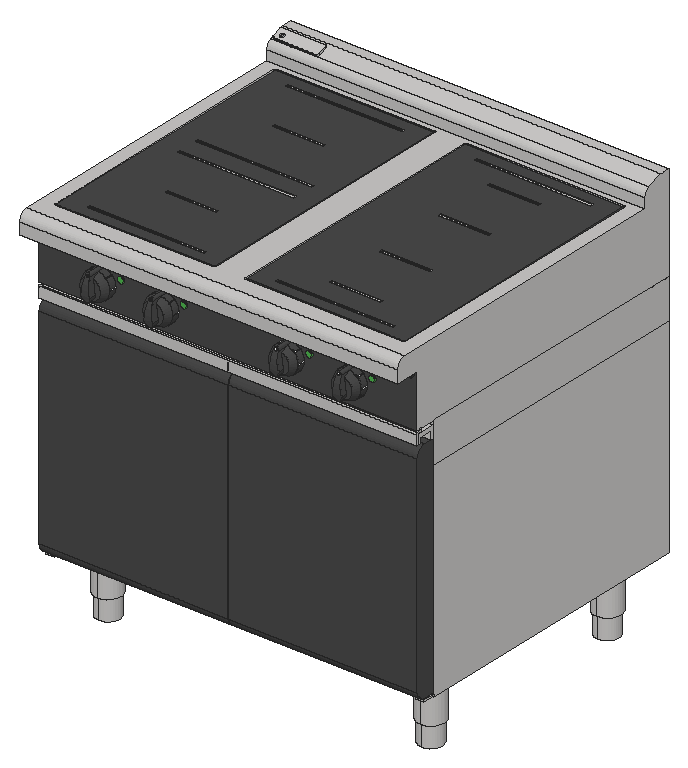
Revit family "QF_Moffat_INLB8400R5F-CD_Induction_Cooktop_cat", category Specialty Equipment, Revit 2019
Family settings
  Round Connector Dimension = Use Diameter
  Part Type = Normal
  Work Plane-Based = No
  Always vertical = Yes
  Cut with Voids When Loaded = No
  Shared = No
  Room Calculation Point = No
Parameters (values of type "INLB8400R5F-CD_415/60/3")
  Weight in Kilograms = 105
  Watts = 20000 W
  Volts = 415 V
  URL Cutsheet = ""
  Specification by User = ""
  Specification by Manufacturer = ""
  Show Logo [instance] = yes
  Serial Number = ""
  Seismic Rating = ""
  SMACNA No = ""
  Revision Code = ""
  Phase = 3
  Number of Poles = 1
  NAFEM Spec ID Number = ""
  Model = "INLB8400R5F-CD"
  Min Ckt Ampacity = 0 A
  Max Overcurrent Protection = 0 A
  Masterspec = ""
  Manufacturer = "Moffat"
  Length = 900 mm
  Item Number = ""
  Installed By = ""
  Identify Quantity as Lot = yes
  Height = 970 mm
  HP = ""
  Furnished By = ""
  Foodservice Equipment Identifier = yes
  FL Amps = 28 A
  Electrical Remarks = ""
  Electric Connection Type = ""
  Elec Conn RI Height = 0 mm
  Elec Conn Connection Height = 0 mm
  Description = "Induction Cooktop"
  Depth = 805 mm
  Cycle = 60 Hz
  Conn Plug = ""
  Conn Conduit = yes
  CSI MasterFormat = ""
  Apparent Power = if(Phase = 3, Volts * FL Amps * 1.73, Volts * FL Amps)  # 20102.6 VA
Reference planes
  plane 1 "BACK": y = 0
  plane 2: z = 0
  plane 3 "LEFT": x = 0
  plane 4 "RIGHT": x = 900
  plane 5 "FRONT": y = -805
  plane 6 "TOP": z = 970
  plane 7 "Center Y": x = 450
  plane 8 "Center X": y = -402.5
  plane 9: x = 65.5
  plane 10: x = 834.5
  plane 11: y = -30
  plane 12: z = 150
  plane 13: y = -100
  plane 14: y = -625
  plane 15: y = -70
  plane 16: z = 915
  plane 17: x = 770
Forms (mm)
  Extrusion 1, solid, material "QF_Metal_Stainless_Polished"
    sketch origin (0, 0, 560) x (0, 1, 0) y (0, 0, 1)
      loop
        line (0, 180) -> (0, 410) -> (-24.305, 410) -> (-57.632, 395.853)
        arc (-57.632, 395.853) -> (-66.628, 388.372) -> (-70, 377.167) r 20.3
        line (-70, 377.167) -> (-70, 355) -> (-784.417, 355)
        arc (-784.417, 355) -> (-798.971, 348.971) -> (-805, 334.417) r 20.583
        line (-805, 334.417) -> (-805, 305) -> (-749, 305) -> (-749, 180) -> (0, 180)
    from 0 to 900
  Extrusion 2, void
    sketch origin (0, -784.171, 915) x (0, 1, 0) y (-1, 0, 0)
      loop
        arc (699.341, -37.323) -> (697.584, -33.08) -> (693.341, -31.323) r 6
        line (693.341, -31.323) -> (45.245, -31.323)
        arc (45.245, -31.323) -> (41.002, -33.08) -> (39.245, -37.323) r 6
        line (39.245, -37.323) -> (39.245, -410.105)
        arc (39.245, -410.105) -> (41.002, -414.347) -> (45.245, -416.105) r 6
        line (45.245, -416.105) -> (693.341, -416.105)
        arc (693.341, -416.105) -> (697.584, -414.347) -> (699.341, -410.105) r 6
        line (699.341, -410.105) -> (699.341, -37.323)
      loop
        line (699.341, -862.677) -> (699.341, -489.895)
        arc (699.341, -489.895) -> (697.584, -485.653) -> (693.341, -483.895) r 6
        line (693.341, -483.895) -> (45.245, -483.895)
        arc (45.245, -483.895) -> (41.002, -485.653) -> (39.245, -489.895) r 6
        line (39.245, -489.895) -> (39.245, -862.677)
        arc (39.245, -862.677) -> (41.002, -866.92) -> (45.245, -868.677) r 6
        line (45.245, -868.677) -> (693.341, -868.677)
        arc (693.341, -868.677) -> (697.584, -866.92) -> (699.341, -862.677) r 6
    from 0 to -9.5
  Extrusion 3, solid, material "QF_Plastic_Black_Smooth"
    sketch origin (0, -784.171, 915) x (0, 1, 0) y (-1, 0, 0)
      loop
        line (695.341, -410.105) -> (695.341, -37.323)
        arc (695.341, -37.323) -> (694.755, -35.908) -> (693.341, -35.323) r 2
        line (693.341, -35.323) -> (45.245, -35.323)
        arc (45.245, -35.323) -> (43.831, -35.908) -> (43.245, -37.323) r 2
        line (43.245, -37.323) -> (43.245, -410.105)
        arc (43.245, -410.105) -> (43.831, -411.519) -> (45.245, -412.105) r 2
        line (45.245, -412.105) -> (693.341, -412.105)
        arc (693.341, -412.105) -> (694.755, -411.519) -> (695.341, -410.105) r 2
      loop
        line (667.194, -86.598) -> (661.194, -86.598) -> (661.194, -363.75) -> (667.194, -363.75) -> (667.194, -86.598)
      loop
        line (526.611, -163.924) -> (526.611, -283.924) -> (532.611, -283.924) -> (532.611, -163.924) -> (526.611, -163.924)
      loop
        line (398.444, -86.598) -> (392.444, -86.598) -> (392.444, -363.75) -> (398.444, -363.75) -> (398.444, -86.598)
      loop
        line (345.944, -86.598) -> (339.944, -86.598) -> (339.944, -363.75) -> (345.944, -363.75) -> (345.944, -86.598)
      loop
        line (206.611, -163.924) -> (206.611, -283.924) -> (212.611, -283.924) -> (212.611, -163.924) -> (206.611, -163.924)
      loop
        line (77.194, -86.598) -> (71.194, -86.598) -> (71.194, -363.75) -> (77.194, -363.75) -> (77.194, -86.598)
      loop
        arc (695.341, -489.895) -> (694.755, -488.481) -> (693.341, -487.895) r 2
        line (693.341, -487.895) -> (45.245, -487.895)
        arc (45.245, -487.895) -> (43.831, -488.481) -> (43.245, -489.895) r 2
        line (43.245, -489.895) -> (43.245, -862.677)
        arc (43.245, -862.677) -> (43.831, -864.092) -> (45.245, -864.677) r 2
        line (45.245, -864.677) -> (693.341, -864.677)
        arc (693.341, -864.677) -> (694.755, -864.092) -> (695.341, -862.677) r 2
        line (695.341, -862.677) -> (695.341, -489.895)
      loop
        line (667.194, -813.402) -> (667.194, -536.25) -> (661.194, -536.25) -> (661.194, -813.402) -> (667.194, -813.402)
      loop
        line (601.611, -736.076) -> (607.611, -736.076) -> (607.611, -616.076) -> (601.611, -616.076) -> (601.611, -736.076)
      loop
        line (279.111, -736.076) -> (285.111, -736.076) -> (285.111, -616.076) -> (279.111, -616.076) -> (279.111, -736.076)
      loop
        line (77.194, -813.402) -> (77.194, -536.25) -> (71.194, -536.25) -> (71.194, -813.402) -> (77.194, -813.402)
      loop
        line (454.501, -736.076) -> (460.501, -736.076) -> (460.501, -616.076) -> (454.501, -616.076) -> (454.501, -736.076)
      loop
        line (131.211, -736.076) -> (137.211, -736.076) -> (137.211, -616.076) -> (131.211, -616.076) -> (131.211, -736.076)
    from 0 to -9.5
  Extrusion 4, solid, material "QF_Metal_Stainless_Polished"
    sketch origin (0, 0, 600) x (0, 1, 0) y (0, 0, 1)
      loop
        line (-739.467, 140) -> (-738.192, 134.838)
        arc (-738.192, 134.838) -> (-738.307, 134.302) -> (-738.799, 134.063) r 0.625
        line (-738.799, 134.063) -> (-746.111, 134.063)
        arc (-746.111, 134.063) -> (-748.011, 133.276) -> (-748.797, 131.377) r 2.686
        line (-748.797, 131.377) -> (-748.797, 107.627) -> (-747.197, 107.627) -> (-747.197, 131.242)
        arc (-747.197, 131.242) -> (-746.84, 132.105) -> (-745.976, 132.463) r 1.221
        line (-745.976, 132.463) -> (-738.755, 132.463)
        arc (-738.755, 132.463) -> (-737.028, 133.304) -> (-736.625, 135.182) r 2.194
        line (-736.625, 135.182) -> (-737.815, 140) -> (-739.467, 140)
    from 0 to 900
  Extrusion 5, solid, material "QF_Plastic_Black_Smooth"
    sketch origin (0, -749, 741.875) x (0, 0, 1) y (-1, 0, 0)
      loop
        circle (112.843, -13.157) r 5
      loop
        circle (112.843, -886.843) r 5
    from 0 to 1.6
  Extrusion 6, solid, material "QF_Metal_Stainless_Polished"
    sketch origin (450, -699, 645) x (0, 1, 0) y (1, 0, 0)
      loop
        circle (669, 320) r 6.35
    from 0 to 10
  Extrusion 7, solid, material "QF_Metal_Stainless_Polished"
    sketch origin (0, -699, 645) x (1, 0, 0) y (0, -1, 0)
      loop
        line (0, -699) -> (900, -699) -> (900, 0) -> (849.2, 0) -> (849.2, -25.4) -> (485.8, -25.4) -> (485.8, 0) -> (414.2, 0) -> (414.2, -25.4) -> (50.8, -25.4) -> (50.8, 0) -> (0, 0) -> (0, -699)
    from 0 to -95
  Extrusion 8, solid, material "QF_Metal_Stainless_Polished"
    sketch origin (50.8, -30, 645) x (0, 1, 0) y (0, 0, 1)
      loop
        line (-669, 0) -> (-643.6, 0) -> (-643.6, 26.45) -> (-669, 26.45) -> (-669, 0)
      loop
        line (-669, 32.45) -> (-643.6, 32.45) -> (-643.6, 66.4) -> (-669, 66.4) -> (-669, 32.45)
      loop
        line (-669, 67.4) -> (-643.6, 67.4) -> (-643.6, 95) -> (-669, 95) -> (-669, 67.4)
    from 0 to 363.4
  Extrusion 9, solid, material "QF_Metal_Stainless_Polished"
    sketch origin (900, 0, 560) x (-1, 0, 0) y (0, -1, 0)
      loop
        line (536.25, 122.976) -> (536.25, 116.976) -> (813.402, 116.976) -> (813.402, 122.976) -> (536.25, 122.976)
      loop
        line (736.076, 251.56) -> (736.076, 257.56) -> (616.076, 257.56) -> (616.076, 251.56) -> (736.076, 251.56)
      loop
        line (813.402, 385.726) -> (813.402, 391.726) -> (536.25, 391.726) -> (536.25, 385.726) -> (813.402, 385.726)
      loop
        line (813.402, 438.226) -> (813.402, 444.226) -> (536.25, 444.226) -> (536.25, 438.226) -> (813.402, 438.226)
      loop
        line (736.076, 571.56) -> (736.076, 577.56) -> (616.076, 577.56) -> (616.076, 571.56) -> (736.076, 571.56)
      loop
        line (536.25, 712.976) -> (536.25, 706.976) -> (813.402, 706.976) -> (813.402, 712.976) -> (536.25, 712.976)
      loop
        line (86.598, 712.976) -> (86.598, 706.976) -> (363.75, 706.976) -> (363.75, 712.976) -> (86.598, 712.976)
      loop
        line (163.924, 652.959) -> (163.924, 646.959) -> (283.924, 646.959) -> (283.924, 652.959) -> (163.924, 652.959)
      loop
        line (163.924, 505.06) -> (163.924, 499.06) -> (283.924, 499.06) -> (283.924, 505.06) -> (163.924, 505.06)
      loop
        line (163.924, 329.669) -> (163.924, 323.669) -> (283.924, 323.669) -> (283.924, 329.669) -> (163.924, 329.669)
      loop
        line (163.924, 182.56) -> (163.924, 176.56) -> (283.924, 176.56) -> (283.924, 182.56) -> (163.924, 182.56)
      loop
        line (86.598, 122.976) -> (86.598, 116.976) -> (363.75, 116.976) -> (363.75, 122.976) -> (86.598, 122.976)
    from 355 to 345.5
  Extrusion 10, solid, material "QF_Paint_Green"
    sketch origin (63.231, -748.999, 713.75) x (0, 0, 1) y (-1, 0, 0)
      loop
        circle (100.3, -282.5) r 7.15
    from 0 to 1.6
  Extrusion 11, solid, material "QF_Plastic_Black_Smooth"
    sketch origin (75, -748.999, 725.625) x (0, 0, 1) y (-1, 0, 0)
      loop
        circle (112.843, -225) r 5
    from 0 to 1.6
  Extrusion 12, solid, material "QF_Paint_Green"
    sketch origin (-86.769, -748.999, 713.75) x (0, 0, 1) y (-1, 0, 0)
      loop
        circle (100.3, -282.5) r 7.15
    from 0 to 1.6
  Extrusion 13, solid, material "QF_Plastic_Black_Smooth"
    sketch origin (-75, -748.999, 725.625) x (0, 0, 1) y (-1, 0, 0)
      loop
        circle (112.843, -225) r 5
    from 0 to 1.6
  Extrusion 14, solid, material "QF_Paint_Green"
    sketch origin (511.981, -748.999, 713.75) x (0, 0, 1) y (-1, 0, 0)
      loop
        circle (100.3, -282.5) r 7.15
    from 0 to 1.6
  Extrusion 15, solid, material "QF_Plastic_Black_Smooth"
    sketch origin (523.75, -748.999, 725.625) x (0, 0, 1) y (-1, 0, 0)
      loop
        circle (112.843, -225) r 5
    from 0 to 1.6
  Extrusion 16, solid, material "QF_Paint_Green"
    sketch origin (361.981, -748.999, 713.75) x (0, 0, 1) y (-1, 0, 0)
      loop
        circle (100.3, -282.5) r 7.15
    from 0 to 1.6
  Extrusion 17, solid, material "QF_Plastic_Black_Smooth"
    sketch origin (373.75, -748.999, 725.625) x (0, 0, 1) y (-1, 0, 0)
      loop
        circle (112.843, -225) r 5
    from 0 to 1.6
  Extrusion 18, solid, material "QF_Metal_Stainless_Polished"
    sketch origin (849.2, -30, 645) x (0, 1, 0) y (0, 0, -1)
      loop
        line (-669, 0) -> (-669, -26.45) -> (-643.6, -26.45) -> (-643.6, 0) -> (-669, 0)
      loop
        line (-669, -32.45) -> (-669, -66.4) -> (-643.6, -66.4) -> (-643.6, -32.45) -> (-669, -32.45)
      loop
        line (-669, -67.4) -> (-669, -95) -> (-643.6, -95) -> (-643.6, -67.4) -> (-669, -67.4)
    from 0 to 363.4
Cuts and joins
  Extrusion 2 cuts Extrusion 1
Lines and regions (mm)
  symbolic lines
    curve 1: line (0, 0, 0) -> (900, 0, 0)
    curve 2: line (0, -805, 0) -> (0, 0, 0)
    curve 3: line (900, -805, 0) -> (0, -805, 0)
    curve 4: line (900, 0, 0) -> (900, -805, 0)
    curve 5: line (0, -18.182, 0) -> (900, -18.182, 0)
    curve 6: line (0, -70, 0) -> (450, -70, 0)
    curve 7: line (37.323, -84.83, 0) -> (410.105, -84.83, 0)
    curve 8: arc (410.105, -84.83, 0) -> (414.347, -86.587, 0) -> (416.105, -90.83, 0) r 6
    curve 9: line (416.105, -90.83, 0) -> (416.105, -738.926, 0)
    curve 10: arc (416.105, -738.926, 0) -> (414.347, -743.168, 0) -> (410.105, -744.926, 0) r 6
    curve 11: line (410.105, -744.926, 0) -> (37.323, -744.926, 0)
    curve 12: arc (37.323, -744.926, 0) -> (33.08, -743.168, 0) -> (31.323, -738.926, 0) r 6
    curve 13: line (31.323, -738.926, 0) -> (31.323, -90.83, 0)
    curve 14: arc (31.323, -90.83, 0) -> (33.08, -86.587, 0) -> (37.323, -84.83, 0) r 6
    curve 15: line (410.105, -88.83, 0) -> (37.323, -88.83, 0)
    curve 16: arc (37.323, -88.83, 0) -> (35.908, -89.415, 0) -> (35.323, -90.83, 0) r 2
    curve 17: line (35.323, -90.83, 0) -> (35.323, -738.926, 0)
    curve 18: arc (35.323, -738.926, 0) -> (35.908, -740.34, 0) -> (37.323, -740.926, 0) r 2
    curve 19: line (37.323, -740.926, 0) -> (410.105, -740.926, 0)
    curve 20: arc (410.105, -740.926, 0) -> (411.519, -740.34, 0) -> (412.105, -738.926, 0) r 2
    curve 21: line (412.105, -738.926, 0) -> (412.105, -90.83, 0)
    curve 22: arc (412.105, -90.83, 0) -> (411.519, -89.415, 0) -> (410.105, -88.83, 0) r 2
    curve 23: line (416.105, -738.926, 0) -> (416.105, -90.83, 0)
    curve 24: line (412.105, -90.83, 0) -> (412.105, -738.926, 0)
    curve 25: line (862.677, -84.83, 0) -> (489.895, -84.83, 0)
    curve 26: arc (489.895, -84.83, 0) -> (485.653, -86.587, 0) -> (483.895, -90.83, 0) r 6
    curve 27: arc (483.895, -738.926, 0) -> (485.653, -743.168, 0) -> (489.895, -744.926, 0) r 6
    curve 28: line (489.895, -744.926, 0) -> (862.677, -744.926, 0)
    curve 29: arc (862.677, -744.926, 0) -> (866.92, -743.168, 0) -> (868.677, -738.926, 0) r 6
    curve 30: line (868.677, -738.926, 0) -> (868.677, -90.83, 0)
    curve 31: arc (868.677, -90.83, 0) -> (866.92, -86.587, 0) -> (862.677, -84.83, 0) r 6
    curve 32: line (489.895, -88.83, 0) -> (862.677, -88.83, 0)
    curve 33: arc (862.677, -88.83, 0) -> (864.092, -89.415, 0) -> (864.677, -90.83, 0) r 2
    curve 34: line (864.677, -90.83, 0) -> (864.677, -738.926, 0)
    curve 35: arc (864.677, -738.926, 0) -> (864.092, -740.34, 0) -> (862.677, -740.926, 0) r 2
    curve 36: line (862.677, -740.926, 0) -> (489.895, -740.926, 0)
    curve 37: arc (489.895, -740.926, 0) -> (488.481, -740.34, 0) -> (487.895, -738.926, 0) r 2
    curve 38: arc (487.895, -90.83, 0) -> (488.481, -89.415, 0) -> (489.895, -88.83, 0) r 2
    curve 39: line (487.895, -90.83, 0) -> (487.895, -738.926, 0)
    curve 40: arc (487.895, -738.926, 0) -> (488.481, -740.34, 0) -> (489.895, -740.926, 0) r 2
    curve 41: line (489.895, -740.926, 0) -> (862.677, -740.926, 0)
    curve 42: arc (862.677, -740.926, 0) -> (864.092, -740.34, 0) -> (864.677, -738.926, 0) r 2
    curve 43: line (864.677, -738.926, 0) -> (864.677, -90.83, 0)
    curve 44: arc (864.677, -90.83, 0) -> (864.092, -89.415, 0) -> (862.677, -88.83, 0) r 2
    curve 45: line (862.677, -88.83, 0) -> (489.895, -88.83, 0)
    curve 46: arc (489.895, -88.83, 0) -> (488.481, -89.415, 0) -> (487.895, -90.83, 0) r 2
    curve 47: line (483.895, -90.83, 0) -> (483.895, -738.926, 0)
    curve 48: arc (483.895, -738.926, 0) -> (485.653, -743.168, 0) -> (489.895, -744.926, 0) r 6
    curve 49: line (489.895, -744.926, 0) -> (862.677, -744.926, 0)
    curve 50: arc (862.677, -744.926, 0) -> (866.92, -743.168, 0) -> (868.677, -738.926, 0) r 6
    curve 51: line (868.677, -738.926, 0) -> (868.677, -90.83, 0)
    curve 52: arc (868.677, -90.83, 0) -> (866.92, -86.587, 0) -> (862.677, -84.83, 0) r 6
    curve 53: line (862.677, -84.83, 0) -> (489.895, -84.83, 0)
    curve 54: arc (489.895, -84.83, 0) -> (485.653, -86.587, 0) -> (483.895, -90.83, 0) r 6
    curve 55: line (86.598, -122.976, 0) -> (363.75, -122.976, 0)
    curve 56: line (363.75, -122.976, 0) -> (363.75, -116.976, 0)
    curve 57: line (363.75, -116.976, 0) -> (86.598, -116.976, 0)
    curve 58: line (86.598, -116.976, 0) -> (86.598, -122.976, 0)
    curve 59: line (283.924, -251.56, 0) -> (163.924, -251.56, 0)
    curve 60: line (163.924, -251.56, 0) -> (163.924, -257.56, 0)
    curve 61: line (163.924, -257.56, 0) -> (283.924, -257.56, 0)
    curve 62: line (283.924, -257.56, 0) -> (283.924, -251.56, 0)
    curve 63: line (536.25, -122.976, 0) -> (813.402, -122.976, 0)
    curve 64: line (813.402, -122.976, 0) -> (813.402, -116.976, 0)
    curve 65: line (813.402, -116.976, 0) -> (536.25, -116.976, 0)
    curve 66: line (536.25, -116.976, 0) -> (536.25, -122.976, 0)
    curve 67: line (736.076, -176.56, 0) -> (616.076, -176.56, 0)
    curve 68: line (616.076, -176.56, 0) -> (616.076, -182.56, 0)
    curve 69: line (616.076, -182.56, 0) -> (736.076, -182.56, 0)
    curve 70: line (736.076, -182.56, 0) -> (736.076, -176.56, 0)
    curve 71: line (736.076, -323.669, 0) -> (616.076, -323.669, 0)
    curve 72: line (616.076, -323.669, 0) -> (616.076, -329.669, 0)
    curve 73: line (616.076, -329.669, 0) -> (736.076, -329.669, 0)
    curve 74: line (736.076, -329.669, 0) -> (736.076, -323.669, 0)
    curve 75: line (736.076, -499.06, 0) -> (616.076, -499.06, 0)
    curve 76: line (616.076, -499.06, 0) -> (616.076, -505.06, 0)
    curve 77: line (616.076, -505.06, 0) -> (736.076, -505.06, 0)
    curve 78: line (736.076, -505.06, 0) -> (736.076, -499.06, 0)
    curve 79: line (736.076, -646.959, 0) -> (616.076, -646.959, 0)
    curve 80: line (616.076, -646.959, 0) -> (616.076, -652.959, 0)
    curve 81: line (616.076, -652.959, 0) -> (736.076, -652.959, 0)
    curve 82: line (736.076, -652.959, 0) -> (736.076, -646.959, 0)
    curve 83: line (813.402, -706.976, 0) -> (536.25, -706.976, 0)
    curve 84: line (536.25, -706.976, 0) -> (536.25, -712.976, 0)
    curve 85: line (536.25, -712.976, 0) -> (813.402, -712.976, 0)
    curve 86: line (813.402, -712.976, 0) -> (813.402, -706.976, 0)
    curve 87: line (86.598, -712.976, 0) -> (363.75, -712.976, 0)
    curve 88: line (363.75, -712.976, 0) -> (363.75, -706.976, 0)
    curve 89: line (363.75, -706.976, 0) -> (86.598, -706.976, 0)
    curve 90: line (86.598, -706.976, 0) -> (86.598, -712.976, 0)
    curve 91: line (283.924, -577.56, 0) -> (163.924, -577.56, 0)
    curve 92: line (163.924, -577.56, 0) -> (163.924, -571.56, 0)
    curve 93: line (163.924, -571.56, 0) -> (283.924, -571.56, 0)
    curve 94: line (283.924, -571.56, 0) -> (283.924, -577.56, 0)
    curve 95: line (86.598, -444.226, 0) -> (363.75, -444.226, 0)
    curve 96: line (363.75, -444.226, 0) -> (363.75, -438.226, 0)
    curve 97: line (363.75, -438.226, 0) -> (86.598, -438.226, 0)
    curve 98: line (86.598, -438.226, 0) -> (86.598, -444.226, 0)
    curve 99: line (86.598, -391.726, 0) -> (363.75, -391.726, 0)
    curve 100: line (363.75, -391.726, 0) -> (363.75, -385.726, 0)
    curve 101: line (363.75, -385.726, 0) -> (86.598, -385.726, 0)
    curve 102: line (86.598, -385.726, 0) -> (86.598, -391.726, 0)
    curve 103: line (0, 0, 560) -> (900, 0, 560)
    curve 104: line (0, -805, 560) -> (0, 0, 560)
    curve 105: line (900, -805, 560) -> (0, -805, 560)
    curve 106: line (900, 0, 560) -> (900, -805, 560)
    curve 107: line (0, -18.182, 560) -> (900, -18.182, 560)
    curve 108: line (0, -70, 560) -> (900, -70, 560)
    curve 109: line (416.105, -90.83, 560) -> (416.105, -738.926, 560)
    curve 110: line (412.105, -738.926, 560) -> (412.105, -90.83, 560)
    curve 111: line (416.105, -738.926, 560) -> (416.105, -90.83, 560)
    curve 112: line (412.105, -90.83, 560) -> (412.105, -738.926, 560)
    curve 113: line (862.677, -84.83, 560) -> (489.895, -84.83, 560)
    curve 114: arc (483.895, -738.926, 560) -> (485.653, -743.168, 560) -> (489.895, -744.926, 560) r 6
    curve 115: line (489.895, -744.926, 560) -> (862.677, -744.926, 560)
    curve 116: arc (862.677, -744.926, 560) -> (866.92, -743.168, 560) -> (868.677, -738.926, 560) r 6
    curve 117: arc (864.677, -738.926, 560) -> (864.092, -740.34, 560) -> (862.677, -740.926, 560) r 2
    curve 118: line (862.677, -740.926, 560) -> (489.895, -740.926, 560)
    curve 119: arc (489.895, -740.926, 560) -> (488.481, -740.34, 560) -> (487.895, -738.926, 560) r 2
    curve 120: arc (487.895, -738.926, 560) -> (488.481, -740.34, 560) -> (489.895, -740.926, 560) r 2
    curve 121: line (489.895, -740.926, 560) -> (862.677, -740.926, 560)
    curve 122: arc (862.677, -740.926, 560) -> (864.092, -740.34, 560) -> (864.677, -738.926, 560) r 2
    curve 123: arc (483.895, -738.926, 560) -> (485.653, -743.168, 560) -> (489.895, -744.926, 560) r 6
    curve 124: line (489.895, -744.926, 560) -> (862.677, -744.926, 560)
    curve 125: arc (862.677, -744.926, 560) -> (866.92, -743.168, 560) -> (868.677, -738.926, 560) r 6
    curve 126: line (86.598, -122.976, 560) -> (363.75, -122.976, 560)
    curve 127: line (363.75, -122.976, 560) -> (363.75, -116.976, 560)
    curve 128: line (363.75, -116.976, 560) -> (86.598, -116.976, 560)
    curve 129: line (86.598, -116.976, 560) -> (86.598, -122.976, 560)
    curve 130: line (283.924, -251.56, 560) -> (163.924, -251.56, 560)
    curve 131: line (163.924, -251.56, 560) -> (163.924, -257.56, 560)
    curve 132: line (163.924, -257.56, 560) -> (283.924, -257.56, 560)
    curve 133: line (283.924, -257.56, 560) -> (283.924, -251.56, 560)
    curve 134: line (536.25, -122.976, 560) -> (813.402, -122.976, 560)
    curve 135: line (813.402, -122.976, 560) -> (813.402, -116.976, 560)
    curve 136: line (813.402, -116.976, 560) -> (536.25, -116.976, 560)
    curve 137: line (536.25, -116.976, 560) -> (536.25, -122.976, 560)
    curve 138: line (736.076, -176.56, 560) -> (616.076, -176.56, 560)
    curve 139: line (616.076, -176.56, 560) -> (616.076, -182.56, 560)
    curve 140: line (616.076, -182.56, 560) -> (736.076, -182.56, 560)
    curve 141: line (736.076, -182.56, 560) -> (736.076, -176.56, 560)
    curve 142: line (736.076, -323.669, 560) -> (616.076, -323.669, 560)
    curve 143: line (616.076, -323.669, 560) -> (616.076, -329.669, 560)
    curve 144: line (616.076, -329.669, 560) -> (736.076, -329.669, 560)
    curve 145: line (736.076, -329.669, 560) -> (736.076, -323.669, 560)
    curve 146: line (736.076, -499.06, 560) -> (616.076, -499.06, 560)
    curve 147: line (616.076, -499.06, 560) -> (616.076, -505.06, 560)
    curve 148: line (616.076, -505.06, 560) -> (736.076, -505.06, 560)
    curve 149: line (736.076, -505.06, 560) -> (736.076, -499.06, 560)
    curve 150: line (736.076, -646.959, 560) -> (616.076, -646.959, 560)
    curve 151: line (616.076, -646.959, 560) -> (616.076, -652.959, 560)
    curve 152: line (616.076, -652.959, 560) -> (736.076, -652.959, 560)
    curve 153: line (736.076, -652.959, 560) -> (736.076, -646.959, 560)
    curve 154: line (813.402, -706.976, 560) -> (536.25, -706.976, 560)
    curve 155: line (536.25, -706.976, 560) -> (536.25, -712.976, 560)
    curve 156: line (536.25, -712.976, 560) -> (813.402, -712.976, 560)
    curve 157: line (813.402, -712.976, 560) -> (813.402, -706.976, 560)
    curve 158: line (86.598, -712.976, 560) -> (363.75, -712.976, 560)
    curve 159: line (363.75, -712.976, 560) -> (363.75, -706.976, 560)
    curve 160: line (363.75, -706.976, 560) -> (86.598, -706.976, 560)
    curve 161: line (86.598, -706.976, 560) -> (86.598, -712.976, 560)
    curve 162: line (283.924, -577.56, 560) -> (163.924, -577.56, 560)
    curve 163: line (163.924, -577.56, 560) -> (163.924, -571.56, 560)
    curve 164: line (163.924, -571.56, 560) -> (283.924, -571.56, 560)
    curve 165: line (283.924, -571.56, 560) -> (283.924, -577.56, 560)
    curve 166: line (86.598, -444.226, 560) -> (363.75, -444.226, 560)
    curve 167: line (363.75, -444.226, 560) -> (363.75, -438.226, 560)
    curve 168: line (363.75, -438.226, 560) -> (86.598, -438.226, 560)
    curve 169: line (86.598, -438.226, 560) -> (86.598, -444.226, 560)
    curve 170: line (86.598, -391.726, 560) -> (363.75, -391.726, 560)
    curve 171: line (363.75, -391.726, 560) -> (363.75, -385.726, 560)
    curve 172: line (363.75, -385.726, 560) -> (86.598, -385.726, 560)
    curve 173: line (86.598, -385.726, 560) -> (86.598, -391.726, 560)
Dimensions and locks
  equal spacing: plane 3 "LEFT", plane 7 "Center Y", plane 4 "RIGHT"
  "Length": plane 3 "LEFT" to plane 4 "RIGHT"
  equal spacing: plane 5 "FRONT", plane 8 "Center X", plane 1 "BACK"
  "Depth": plane 5 "FRONT" to plane 1 "BACK"
  "Height": plane 6 "TOP" to level
  plane 9 to plane 10 = 769 mm
  plane 4 "RIGHT" to plane 3 "LEFT" = 900 mm
  plane 6 "TOP" to plane 2 = 970 mm
  plane 1 "BACK" to plane 11 = 30 mm
  plane 1 "BACK" to plane 13 to plane 14 = 100 mm, 525 mm
  plane 1 "BACK" to plane 15 = 70 mm
  plane 16 to level = 915 mm  (x2)
  level to plane 12 = 150 mm
  plane 12 to level = 150 mm
  plane 4 "RIGHT" to plane 17 = 130 mm
  plane 1 "BACK" to plane 5 "FRONT" = 805 mm
  locked: plane 10 to plane 4 "RIGHT" at 65.5
  aligned and locked: level to plane 2
  aligned and locked: Extrusion 18 to Extrusion 7  (x2)
Automatic sketch dimensions
  curve 8 to curve 22 = 0 mm  (x2)
  curve 10 to curve 20 = 0 mm  (x2)
  curve 12 to curve 18 = 0 mm  (x2)
  curve 14 to curve 16 = 0 mm  (x2)
  curve 26 to curve 38 = 0 mm  (x2)
  curve 26 to curve 46 = 0 mm  (x2)
  curve 26 to curve 54 = 0 mm  (x2)
  curve 27 to curve 37 = 0 mm  (x2)
  curve 27 to curve 40 = 0 mm  (x2)
  curve 27 to curve 48 = 0 mm  (x2)
  curve 29 to curve 35 = 0 mm  (x2)
  curve 29 to curve 42 = 0 mm  (x2)
  curve 29 to curve 50 = 0 mm  (x2)
  curve 31 to curve 33 = 0 mm  (x2)
  curve 31 to curve 44 = 0 mm  (x2)
  curve 31 to curve 52 = 0 mm  (x2)
  curve 33 to curve 44 = 0 mm  (x2)
  curve 33 to curve 52 = 0 mm  (x2)
  curve 35 to curve 42 = 0 mm  (x2)
  curve 35 to curve 50 = 0 mm  (x2)
  curve 37 to curve 40 = 0 mm  (x2)
  curve 37 to curve 48 = 0 mm  (x2)
  curve 38 to curve 46 = 0 mm  (x2)
  curve 38 to curve 54 = 0 mm  (x2)
  curve 40 to curve 48 = 0 mm  (x2)
  curve 42 to curve 50 = 0 mm  (x2)
  curve 44 to curve 52 = 0 mm  (x2)
  curve 46 to curve 54 = 0 mm  (x2)
  plane 1 "BACK" to curve 1 = 0 mm
  curve 1 to plane 3 "LEFT" = 0 mm
  curve 6 to plane 7 "Center Y" = 0 mm
  curve 5 to plane 4 "RIGHT" = 0 mm
  plane 5 "FRONT" to curve 3 = 0 mm
  plane 15 to curve 6 = 0 mm
  plane 3 "LEFT" to curve 13 = 31.323 mm
  curve 13 to curve 17 = 4 mm
  curve 17 to curve 16 = 2 mm
  curve 17 to curve 18 = 2 mm
  curve 102 to plane 9 = 21.098 mm
  curve 57 to plane 9 = 21.098 mm
  curve 87 to plane 9 = 21.098 mm
  curve 95 to plane 9 = 21.098 mm
  curve 91 to plane 14 = 47.44 mm
  curve 91 to plane 9 = 98.424 mm
  curve 60 to plane 9 = 98.424 mm
  curve 60 to curve 61 = 120 mm
  curve 93 to plane 14 = 53.44 mm
  curve 92 to curve 93 = 120 mm
  curve 96 to plane 8 "Center X" = 41.726 mm
  curve 96 to plane 7 "Center Y" = 86.25 mm
  plane 8 "Center X" to curve 99 = 10.774 mm
  curve 99 to curve 96 = 0 mm
  plane 13 to curve 56 = 16.976 mm
  curve 56 to plane 7 "Center Y" = 86.25 mm
  curve 89 to plane 7 "Center Y" = 86.25 mm
  curve 8 to plane 13 = 9.17 mm
  curve 8 to plane 7 "Center Y" = 39.895 mm
  curve 10 to plane 7 "Center Y" = 39.895 mm
  curve 8 to curve 21 = 2 mm
  plane 7 "Center Y" to curve 47 = 33.895 mm
  curve 27 to curve 39 = 4 mm
  curve 38 to curve 46 = 2 mm
  curve 37 to curve 36 = 2 mm
  plane 13 to curve 66 = 22.976 mm
  curve 26 to curve 66 = 46.355 mm
  curve 27 to curve 85 = 46.355 mm
  curve 63 to curve 67 = 79.826 mm
  curve 77 to plane 17 = 153.924 mm
  plane 14 to curve 80 = 21.959 mm
  curve 83 to curve 80 = 79.826 mm
  plane 8 "Center X" to curve 73 = 72.831 mm
  curve 73 to curve 68 = 0 mm
  curve 77 to plane 17 = 33.924 mm
  curve 67 to plane 17 = 33.924 mm
  curve 71 to plane 17 = 33.924 mm
  curve 79 to plane 17 = 33.924 mm
  plane 10 to curve 63 = 21.098 mm
  plane 10 to curve 85 = 21.098 mm
  curve 42 to plane 10 = 28.177 mm
  curve 32 to plane 13 = 11.17 mm
  curve 32 to plane 10 = 28.177 mm
  curve 31 to curve 34 = 2 mm
  curve 49 to plane 5 "FRONT" = 60.074 mm
  curve 11 to plane 5 "FRONT" = 60.074 mm
  curve 27 to curve 84 = 25.949 mm
  curve 10 to curve 87 = 25.949 mm
  curve 85 to curve 83 = 6 mm
  curve 87 to curve 90 = 6 mm
  curve 81 to curve 79 = 6 mm
  curve 78 to plane 8 "Center X" = 102.56 mm
  curve 77 to curve 75 = 6 mm
  curve 95 to curve 98 = 6 mm
  curve 99 to curve 100 = 6 mm
  curve 73 to curve 74 = 6 mm
  plane 8 "Center X" to curve 62 = 144.94 mm
  curve 61 to curve 62 = 6 mm
  plane 13 to curve 70 = 82.56 mm
  curve 68 to curve 68 = 6 mm
  curve 58 to curve 57 = 6 mm
  curve 63 to curve 65 = 6 mm
  curve 5 to plane 11 = 11.818 mm
  Extrusion 2 sketch curve to Extrusion 1 = 39.492 mm  (x2)
  Extrusion 2 sketch curve to Extrusion 2 sketch curve = 6 mm  (x6)
  Extrusion 1 to Extrusion 2 sketch curve = 20.83 mm  (x4)
  Extrusion 1 to Extrusion 2 sketch curve = 31.323 mm
  Extrusion 2 sketch curve to Extrusion 2 sketch curve = 372.782 mm
  Extrusion 2 sketch curve to Extrusion 2 sketch curve = 67.791 mm
  Extrusion 1 to Extrusion 2 sketch curve = 37.323 mm
  Extrusion 3 sketch curve to Extrusion 1 = 43.492 mm  (x2)
  Extrusion 3 sketch curve to Extrusion 3 sketch curve = 2 mm  (x6)
  Extrusion 3 sketch curve to Extrusion 3 sketch curve = 25.949 mm  (x2)
  Extrusion 3 sketch curve to Extrusion 3 sketch curve = 6 mm  (x12)
  Extrusion 3 sketch curve to Extrusion 3 sketch curve = 54.017 mm
  Extrusion 3 sketch curve to Extrusion 3 sketch curve = 129.416 mm
  Extrusion 3 sketch curve to Extrusion 3 sketch curve = 141.899 mm
  Extrusion 3 sketch curve to Extrusion 3 sketch curve = 127.334 mm
  Extrusion 3 sketch curve to Extrusion 3 sketch curve = 46.5 mm
  Extrusion 3 sketch curve to Extrusion 3 sketch curve = 169.391 mm
  Extrusion 3 sketch curve to Extrusion 3 sketch curve = 128.166 mm
  Extrusion 1 to Extrusion 3 sketch curve = 112.56 mm
  Extrusion 1 to Extrusion 3 sketch curve = 52.976 mm  (x2)
  Extrusion 1 to Extrusion 3 sketch curve = 20.83 mm  (x4)
  Extrusion 1 to Extrusion 3 sketch curve = 35.323 mm
  Extrusion 3 sketch curve to Extrusion 3 sketch curve = 49.275 mm  (x2)
  Extrusion 3 sketch curve to Extrusion 3 sketch curve = 77.326 mm  (x2)
  Extrusion 1 to Extrusion 3 sketch curve = 163.924 mm
  Extrusion 3 sketch curve to Extrusion 3 sketch curve = 0 mm  (x3)
  Extrusion 3 sketch curve to Extrusion 3 sketch curve = 120 mm  (x6)
  Extrusion 3 sketch curve to Extrusion 3 sketch curve = 79.826 mm  (x4)
  Extrusion 3 sketch curve to Extrusion 3 sketch curve = 46.355 mm  (x3)
  Extrusion 3 sketch curve to Extrusion 3 sketch curve = 75.791 mm
  Extrusion 3 sketch curve to Extrusion 3 sketch curve = 252.326 mm
  Extrusion 1 to Extrusion 3 sketch curve = 86.598 mm  (x3)
  Extrusion 1 to Extrusion 3 sketch curve = 37.323 mm
  Extrusion 4 sketch curve to plane 5 "FRONT" = 56.203 mm
  Extrusion 4 sketch curve to Extrusion 4 sketch curve = 1.6 mm
  Extrusion 4 sketch curve to Extrusion 4 sketch curve = 1.086 mm
  Extrusion 4 sketch curve to Extrusion 4 sketch curve = 0.135 mm  (x2)
  Extrusion 4 sketch curve to Extrusion 4 sketch curve = 6.644 mm
  Extrusion 4 sketch curve to Extrusion 4 sketch curve = 0.668 mm
  Extrusion 4 sketch curve to Extrusion 4 sketch curve = 0.044 mm
  Extrusion 4 sketch curve to Extrusion 4 sketch curve = 0.563 mm
  Extrusion 4 sketch curve to Extrusion 4 sketch curve = 1.652 mm
  Extrusion 4 sketch curve to Extrusion 4 sketch curve = 1.567 mm
  Extrusion 4 sketch curve to plane 16 = 207.373 mm
  Extrusion 4 sketch curve to Extrusion 4 sketch curve = 23.614 mm
  Extrusion 4 sketch curve to Extrusion 4 sketch curve = 0.594 mm
  Extrusion 4 sketch curve to Extrusion 4 sketch curve = 0.032 mm
  Extrusion 4 sketch curve to Extrusion 4 sketch curve = 5.162 mm
  Extrusion 1 to Extrusion 5 sketch curve = 10.282 mm  (x2)
  Extrusion 1 to Extrusion 5 sketch curve = 13.157 mm  (x2)
  Extrusion 7 to Extrusion 6 sketch curve = 30 mm
  Extrusion 6 sketch curve to Extrusion 7 = 79.2 mm
  Extrusion 7 sketch curve to plane 3 "LEFT" = 0 mm
  Extrusion 7 sketch curve to plane 4 "RIGHT" = 0 mm
  plane 1 "BACK" to Extrusion 7 sketch curve = 0 mm
  plane 9 to Extrusion 7 sketch curve = 14.7 mm
  Extrusion 7 sketch curve to plane 7 "Center Y" = 35.8 mm
  plane 7 "Center Y" to Extrusion 7 sketch curve = 35.8 mm
  Extrusion 7 sketch curve to plane 10 = 14.7 mm
  plane 14 to Extrusion 7 sketch curve = 48.6 mm  (x2)
  Extrusion 7 sketch curve to Extrusion 7 sketch curve = 25.4 mm  (x3)
  Extrusion 8 sketch curve to Extrusion 7 = 0 mm  (x8)
  Extrusion 7 to Extrusion 8 sketch curve = 26.45 mm
  Extrusion 8 sketch curve to Extrusion 8 sketch curve = 6 mm
  Extrusion 7 to Extrusion 8 sketch curve = 28.6 mm
  Extrusion 8 sketch curve to Extrusion 8 sketch curve = 1 mm
  Extrusion 9 sketch curve to plane 10 = 21.098 mm  (x2)
  plane 17 to Extrusion 9 sketch curve = 33.924 mm  (x4)
  Extrusion 9 sketch curve to Extrusion 9 sketch curve = 120 mm  (x4)
  Extrusion 9 sketch curve to plane 14 = 21.959 mm
  Extrusion 9 sketch curve to plane 7 "Center Y" = 86.25 mm  (x2)
  Extrusion 9 sketch curve to plane 13 = 16.976 mm
  Extrusion 9 sketch curve to plane 13 = 22.976 mm
  plane 7 "Center Y" to Extrusion 9 sketch curve = 86.25 mm  (x3)
  Extrusion 9 sketch curve to plane 8 "Center X" = 10.774 mm
  Extrusion 9 sketch curve to Extrusion 9 sketch curve = 0 mm
  Extrusion 9 sketch curve to Extrusion 9 sketch curve = 79.826 mm  (x2)
  plane 14 to Extrusion 9 sketch curve = 53.44 mm
  plane 9 to Extrusion 9 sketch curve = 98.424 mm  (x2)
  plane 9 to Extrusion 9 sketch curve = 21.098 mm  (x4)
  Extrusion 9 sketch curve to Extrusion 9 sketch curve = 6 mm  (x12)
  Extrusion 9 sketch curve to plane 14 = 81.976 mm  (x2)
  plane 8 "Center X" to Extrusion 9 sketch curve = 102.56 mm
  plane 8 "Center X" to Extrusion 9 sketch curve = 41.726 mm
  Extrusion 9 sketch curve to plane 8 "Center X" = 72.831 mm
  Extrusion 9 sketch curve to plane 8 "Center X" = 144.94 mm
  Extrusion 9 sketch curve to plane 13 = 82.56 mm
  Extrusion 10 sketch curve to plane 16 = 100.95 mm
  Extrusion 10 sketch curve to plane 7 "Center Y" = 104.269 mm
  Extrusion 11 sketch curve to plane 16 = 76.532 mm
  Extrusion 11 sketch curve to plane 7 "Center Y" = 150 mm
  Extrusion 12 sketch curve to plane 16 = 100.95 mm
  Extrusion 12 sketch curve to plane 9 = 130.231 mm
  Extrusion 13 sketch curve to plane 16 = 76.532 mm
  Extrusion 13 sketch curve to plane 9 = 84.5 mm
  plane 17 to Extrusion 14 sketch curve = 24.481 mm
  Extrusion 14 sketch curve to plane 16 = 100.95 mm
  Extrusion 15 sketch curve to plane 17 = 21.25 mm
  Extrusion 15 sketch curve to plane 16 = 76.532 mm
  Extrusion 16 sketch curve to plane 16 = 100.95 mm
  Extrusion 16 sketch curve to plane 17 = 125.519 mm
  Extrusion 17 sketch curve to plane 16 = 76.532 mm
  plane 7 "Center Y" to Extrusion 17 sketch curve = 148.75 mm
  plane 14 to Extrusion 18 sketch curve = 74 mm
  Extrusion 18 sketch curve to Extrusion 18 sketch curve = 0 mm  (x4)
  Extrusion 18 sketch curve to Extrusion 18 sketch curve = 25.4 mm
  Extrusion 18 sketch curve to plane 16 = 175 mm
  Extrusion 18 sketch curve to Extrusion 18 sketch curve = 27.6 mm
  Extrusion 18 sketch curve to Extrusion 18 sketch curve = 1 mm
  Extrusion 18 sketch curve to Extrusion 18 sketch curve = 33.95 mm
  Extrusion 18 sketch curve to Extrusion 18 sketch curve = 6 mm
  Extrusion 18 sketch curve to Extrusion 18 sketch curve = 26.45 mm
  curve 114 to curve 119 = 0 mm
  curve 114 to curve 120 = 0 mm
  curve 116 to curve 117 = 0 mm
  curve 122 to curve 125 = 0 mm
  plane 1 "BACK" to curve 103 = 0 mm
  curve 103 to plane 3 "LEFT" = 0 mm
  plane 7 "Center Y" to curve 108 = 450 mm
  curve 107 to plane 4 "RIGHT" = 0 mm
  plane 5 "FRONT" to curve 105 = 0 mm
  plane 15 to curve 108 = 0 mm
  curve 173 to plane 9 = 21.098 mm
  curve 128 to plane 9 = 21.098 mm
  curve 158 to plane 9 = 21.098 mm
  curve 166 to plane 9 = 21.098 mm
  curve 162 to plane 14 = 47.44 mm
  curve 162 to plane 9 = 98.424 mm
  curve 131 to plane 9 = 98.424 mm
  curve 131 to curve 132 = 120 mm
  curve 164 to plane 14 = 53.44 mm
  curve 163 to curve 164 = 120 mm
  curve 167 to plane 8 "Center X" = 41.726 mm
  curve 167 to plane 7 "Center Y" = 86.25 mm
  plane 8 "Center X" to curve 170 = 10.774 mm
  curve 170 to curve 167 = 0 mm
  plane 13 to curve 127 = 16.976 mm
  curve 127 to plane 7 "Center Y" = 86.25 mm
  curve 160 to plane 7 "Center Y" = 86.25 mm
  curve 119 to curve 118 = 2 mm
  plane 13 to curve 137 = 22.976 mm
  curve 119 to curve 156 = 46.355 mm
  curve 134 to curve 138 = 79.826 mm
  curve 148 to plane 17 = 153.924 mm
  plane 14 to curve 151 = 21.959 mm
  curve 154 to curve 151 = 79.826 mm
  plane 8 "Center X" to curve 144 = 72.831 mm
  curve 144 to curve 139 = 0 mm
  curve 148 to plane 17 = 33.924 mm
  curve 138 to plane 17 = 33.924 mm
  curve 142 to plane 17 = 33.924 mm
  curve 150 to plane 17 = 33.924 mm
  plane 10 to curve 134 = 21.098 mm
  plane 10 to curve 156 = 21.098 mm
  curve 122 to plane 10 = 28.177 mm
  curve 124 to plane 5 "FRONT" = 60.074 mm
  curve 119 to curve 155 = 25.949 mm
  curve 156 to curve 154 = 6 mm
  curve 158 to curve 161 = 6 mm
  curve 152 to curve 150 = 6 mm
  curve 149 to plane 8 "Center X" = 102.56 mm
  curve 148 to curve 146 = 6 mm
  curve 166 to curve 169 = 6 mm
  curve 170 to curve 171 = 6 mm
  curve 144 to curve 145 = 6 mm
  plane 8 "Center X" to curve 133 = 144.94 mm
  curve 132 to curve 133 = 6 mm
  plane 13 to curve 141 = 82.56 mm
  curve 139 to curve 139 = 6 mm
  curve 129 to curve 128 = 6 mm
  curve 134 to curve 136 = 6 mm
  curve 107 to plane 11 = 11.818 mm
  curve 110 to plane 13 = 9.17 mm
  curve 110 to plane 7 "Center Y" = 37.895 mm
  curve 110 to curve 109 = 4 mm
  curve 111 to plane 5 "FRONT" = 66.074 mm
  curve 110 to curve 109 = 0 mm  (x2)
  plane 14 to curve 158 = 87.976 mm
  plane 7 "Center Y" to curve 121 = 39.895 mm
  plane 15 to curve 113 = 14.83 mm
  plane 7 "Center Y" to curve 113 = 39.895 mm
  curve 113 to curve 134 = 46.355 mm
  curve 113 to plane 10 = 28.177 mm
  curve 115 to curve 118 = 4 mm
  curve 118 to curve 122 = 2 mm
  Extrusion 1 sketch curve to plane 5 "FRONT" = 0 mm
  Extrusion 1 sketch curve to plane 16 = 0 mm
  Extrusion 1 sketch curve to plane 15 = 0 mm
  Extrusion 1 sketch curve to plane 6 "TOP" = 0 mm
  Extrusion 1 sketch curve to plane 1 "BACK" = 0 mm
  Extrusion 1 sketch curve to Extrusion 1 sketch curve = 20.583 mm
  Extrusion 1 sketch curve to plane 5 "FRONT" = 56 mm
  Extrusion 1 sketch curve to plane 6 "TOP" = 14.147 mm
  Extrusion 1 sketch curve to plane 15 = 12.368 mm
  plane 11 to Extrusion 1 sketch curve = 19.7 mm
  Extrusion 1 sketch curve to plane 11 = 5.695 mm
  Extrusion 1 sketch curve to Extrusion 1 sketch curve = 29.417 mm
  Extrusion 1 sketch curve to plane 16 = 175 mm
  radius of Extrusion 5 sketch curve = 5 mm  (x2)
  radius of Extrusion 6 sketch curve = 6.35 mm
  radius of Extrusion 10 sketch curve = 7.15 mm
  radius of Extrusion 11 sketch curve = 5 mm
  radius of Extrusion 12 sketch curve = 7.15 mm
  radius of Extrusion 13 sketch curve = 5 mm
  radius of Extrusion 14 sketch curve = 7.15 mm
  radius of Extrusion 15 sketch curve = 5 mm
  radius of Extrusion 16 sketch curve = 7.15 mm
  radius of Extrusion 17 sketch curve = 5 mm
Nested families
  nested 1: "INLB8100F-CD_Closed Door 900" at (0, 0, 0), type "IN511F-LS"
  nested 2: "Knob" at (267.5, -739.499, 760.75), type "Knob"
  nested 3: "Knob" at (117.5, -739.499, 760.75), type "Knob"
  nested 4: "Knob" at (716.25, -739.499, 760.75), type "Knob"
  nested 5: "Knob" at (566.25, -739.499, 760.75), type "Knob"
  nested 6: "QF_LOGO_Waldorf1" at (2, -55.308, 956.84), visible <- "Show Logo", type "QF_LOGO_Waldorf 2"
Connectors
  electrical at (770, -30, 635), driven by "Volts", driven by "Watts"
    settings: on Extrusion 6, index 5, voltage 415 V, apparent load 20000 VA, apparent load phase1 0 VA, apparent load phase2 0 VA, apparent load phase3 0 VA, power factor 1, load classification "Other", number of poles 1, system type 30, power factor state 1, is connector primary yes, connector utility no, sub classification motor no, connector description "ELEECTRICAL CONNECTION"
Definition of nested family "INLB8100F-CD_Closed Door 900"
  Parameters (values of type "IN511F-LS")
    Model = ""
    Manufacturer = ""
    Description = ""
  Reference planes
    plane 1 "BACK": y = 0
    plane 2: z = 0
    plane 3 "LEFT": x = 0
    plane 4 "RIGHT": x = 900
    plane 5 "FRONT": y = -805
    plane 6 "TOP": z = 970
    plane 7 "Center Y": x = 450
    plane 8 "Center X": y = -402.5
    plane 9: x = 65.5
    plane 10: y = -100
    plane 11: y = -625
    plane 12: z = 150
    plane 13: z = 740
    plane 14: x = 834.5
  Forms (mm)
    Revolve 1, solid
      sketch origin (65.5, -4572, 255.2) x (0, 0, -1) y (0, -1, 0)
        loop
          line (255.2, -3974.5) -> (255.2, -3947) -> (105.2, -3947) -> (105.2, -3978.75) -> (205.2, -3978.75) -> (205.2, -3974.5) -> (255.2, -3974.5)
        axis (105.2, -3947) -> (255.2, -3947)
      angle from 0 to 360
    Extrusion 2, solid
      sketch origin (0, 0, 0) x (0, 1, 0) y (0, 0, 1)
        loop
          line (-50.8, 150) -> (-50.8, 242.5) -> (-699, 242.5) -> (-699, 150) -> (-50.8, 150)
      from 0 to 900
    Extrusion 3, solid
      sketch origin (-6096, 120, 150) x (0, 1, 0) y (-1, 0, 0)
        loop
          line (-120, -6096) -> (-819, -6096) -> (-819, -6146.8) -> (-170.8, -6146.8) -> (-170.8, -6513.1) -> (-819, -6513.1) -> (-819, -6578.9) -> (-170.8, -6578.9) -> (-170.8, -6945.2) -> (-819, -6945.2) -> (-819, -6996) -> (-120, -6996) -> (-120, -6096)
      from 0 to 590
    Revolve 4, solid
      sketch origin (65.5, -4047, 255.2) x (0, 0, -1) y (0, -1, 0)
        loop
          line (255.2, -3974.5) -> (255.2, -3947) -> (105.2, -3947) -> (105.2, -3978.75) -> (205.2, -3978.75) -> (205.2, -3974.5) -> (255.2, -3974.5)
        axis (105.2, -3947) -> (255.2, -3947)
      angle from 0 to 360
    Extrusion 5, solid
      sketch origin (0, 0, 0) x (0, 1, 0) y (0, 0, 1)
        loop
          line (-747.95, 679.363) -> (-747.95, 180.737)
          arc (-747.95, 180.737) -> (-741.656, 165.543) -> (-726.462, 159.25) r 21.488
          line (-726.462, 159.25) -> (-700.212, 159.25) -> (-700.212, 700.863) -> (-726.45, 700.863)
          arc (-726.45, 700.863) -> (-741.653, 694.566) -> (-747.95, 679.363) r 21.5
      from 0 to 450
    Extrusion 6, solid
      sketch origin (0, 0, 0) x (0, 1, 0) y (0, 0, 1)
        loop
          line (-699, 151.549) -> (-699, 155) -> (-727.22, 155) -> (-727.22, 151.549) -> (-699, 151.549)
      from 0 to 20.511
    Extrusion 7, solid
      sketch origin (0, -699, 151.549) x (-1, 0, 0) y (0, 1, 0)
        loop
          circle (-9.837, -12.705) r 5
      from -7.701 to 1.549
    Extrusion 8, solid
      sketch origin (240, 0, 0) x (0, 1, 0) y (0, 0, 1)
        loop
          line (-700.212, 700.863) -> (-700.212, 729.782) -> (-745.874, 729.782)
          arc (-745.874, 729.782) -> (-747.342, 729.174) -> (-747.95, 727.706) r 2.076
          line (-747.95, 727.706) -> (-747.95, 707.9) -> (-740.102, 707.9) -> (-740.102, 719.782) -> (-706.258, 719.782) -> (-706.258, 700.863) -> (-700.212, 700.863)
      from -240 to 209.732
    Revolve 9, solid
      sketch origin (834.5, -4572, 255.2) x (0, 0, -1) y (0, 1, 0)
        loop
          line (255.2, 3974.5) -> (205.2, 3974.5) -> (205.2, 3978.75) -> (105.2, 3978.75) -> (105.2, 3947) -> (255.2, 3947) -> (255.2, 3974.5)
        axis (105.2, 3947) -> (255.2, 3947)
      angle from 0 to 360
    Revolve 10, solid
      sketch origin (834.5, -4047, 255.2) x (0, 0, -1) y (0, 1, 0)
        loop
          line (255.2, 3974.5) -> (205.2, 3974.5) -> (205.2, 3978.75) -> (105.2, 3978.75) -> (105.2, 3947) -> (255.2, 3947) -> (255.2, 3974.5)
        axis (105.2, 3947) -> (255.2, 3947)
      angle from 0 to 360
    Extrusion 11, solid
      sketch origin (900, 0, 0) x (0, 1, 0) y (0, 0, -1)
        loop
          arc (-747.95, -679.363) -> (-741.653, -694.566) -> (-726.45, -700.863) r 21.5
          line (-726.45, -700.863) -> (-700.212, -700.863) -> (-700.212, -159.25) -> (-726.462, -159.25)
          arc (-726.462, -159.25) -> (-741.656, -165.543) -> (-747.95, -180.737) r 21.488
          line (-747.95, -180.737) -> (-747.95, -679.363)
      from 0 to 450
    Extrusion 12, solid
      sketch origin (900, 0, 0) x (0, 1, 0) y (0, 0, -1)
        loop
          line (-699, -151.549) -> (-727.22, -151.549) -> (-727.22, -155) -> (-699, -155) -> (-699, -151.549)
      from 0 to 20.511
    Extrusion 13, solid
      sketch origin (900, -699, 151.549) x (-1, 0, 0) y (0, 1, 0)
        loop
          circle (9.837, -12.705) r 5
      from -7.701 to 1.549
    Extrusion 14, solid
      sketch origin (660, 0, 0) x (0, 1, 0) y (0, 0, -1)
        loop
          line (-700.212, -700.863) -> (-706.258, -700.863) -> (-706.258, -719.782) -> (-740.102, -719.782) -> (-740.102, -707.9) -> (-747.95, -707.9) -> (-747.95, -727.706)
          arc (-747.95, -727.706) -> (-747.342, -729.174) -> (-745.874, -729.782) r 2.076
          line (-745.874, -729.782) -> (-700.212, -729.782) -> (-700.212, -700.863)
      from -240 to 209.694
  Cuts and joins
    joined: Extrusion 2, Extrusion 3
  Dimensions and locks
    equal spacing: plane 3 "LEFT", plane 7 "Center Y", plane 4 "RIGHT"
    plane 3 "LEFT" to plane 4 "RIGHT" = 900 mm
    equal spacing: plane 5 "FRONT", plane 8 "Center X", plane 1 "BACK"
    plane 5 "FRONT" to plane 1 "BACK" = 805 mm
    plane 6 "TOP" to level = 970 mm
    plane 4 "RIGHT" to plane 3 "LEFT" = 900 mm
    plane 1 "BACK" to plane 5 "FRONT" = 805 mm
    plane 6 "TOP" to plane 2 = 970 mm
    plane 1 "BACK" to plane 10 to plane 11 = 100 mm, 525 mm
    plane 12 to plane 2 = 150 mm
    plane 13 to level = 740 mm
    aligned and locked: level to plane 2
    aligned and locked: Extrusion 2 to plane 4 "RIGHT"
  Automatic sketch dimensions
    Revolve 1 sketch curve to plane 11 = 0 mm  (x2)
    Revolve 1 sketch curve to plane 12 = 0 mm
    Revolve 1 sketch curve to level = 0 mm  (x2)
    level to Revolve 1 sketch curve = 50 mm
    Revolve 1 sketch curve to Revolve 1 sketch curve = 27.5 mm
    Revolve 1 sketch curve to Revolve 1 sketch curve = 31.75 mm
    Revolve 1 sketch curve to Revolve 1 sketch curve = 25 mm
    Extrusion 2 sketch curve to plane 12 = 0 mm
    plane 11 to Extrusion 2 sketch curve = 74 mm
    Extrusion 2 sketch curve to plane 10 = 49.2 mm
    plane 12 to Extrusion 2 sketch curve = 92.5 mm
    Extrusion 3 sketch curve to plane 3 "LEFT" = 0 mm
    Extrusion 3 sketch curve to plane 4 "RIGHT" = 0 mm
    plane 1 "BACK" to Extrusion 3 sketch curve = 0 mm
    plane 14 to Extrusion 3 sketch curve = 14.7 mm
    Extrusion 3 sketch curve to plane 10 = 49.2 mm  (x2)
    plane 11 to Extrusion 3 sketch curve = 74 mm  (x3)
    plane 7 "Center Y" to Extrusion 3 sketch curve = 32.9 mm
    Extrusion 3 sketch curve to plane 7 "Center Y" = 32.9 mm
    plane 9 to Extrusion 3 sketch curve = 14.7 mm
    Revolve 4 sketch curve to plane 10 = 0 mm  (x2)
    Revolve 4 sketch curve to plane 12 = 0 mm
    Revolve 4 sketch curve to level = 0 mm  (x2)
    level to Revolve 4 sketch curve = 50 mm
    Revolve 4 sketch curve to Revolve 4 sketch curve = 27.5 mm
    Revolve 4 sketch curve to Revolve 4 sketch curve = 31.75 mm
    Revolve 4 sketch curve to Revolve 4 sketch curve = 25 mm
    Extrusion 5 sketch curve to plane 5 "FRONT" = 57.05 mm
    Extrusion 5 sketch curve to Extrusion 5 sketch curve = 21.488 mm
    Extrusion 5 sketch curve to Extrusion 5 sketch curve = 21.5 mm
    plane 12 to Extrusion 5 sketch curve = 9.25 mm
    Extrusion 5 sketch curve to Extrusion 5 sketch curve = 26.25 mm
    Extrusion 5 sketch curve to plane 13 = 60.637 mm
    plane 12 to Extrusion 6 sketch curve = 1.549 mm
    Extrusion 6 sketch curve to plane 5 "FRONT" = 77.78 mm
    plane 12 to Extrusion 6 sketch curve = 5 mm
    Extrusion 6 sketch curve to Extrusion 6 sketch curve = 28.22 mm
    Extrusion 7 sketch curve to Extrusion 6 = 9.837 mm
    Extrusion 6 to Extrusion 7 sketch curve = 12.705 mm
    Extrusion 8 sketch curve to plane 5 "FRONT" = 57.05 mm
    Extrusion 8 sketch curve to Extrusion 8 sketch curve = 2.076 mm
    Extrusion 8 sketch curve to Extrusion 8 sketch curve = 5.771 mm
    Extrusion 8 sketch curve to Extrusion 8 sketch curve = 33.844 mm
    Extrusion 8 sketch curve to Extrusion 8 sketch curve = 6.046 mm
    Extrusion 8 sketch curve to plane 13 = 39.137 mm
    Extrusion 8 sketch curve to plane 13 = 32.1 mm
    Extrusion 8 sketch curve to Extrusion 8 sketch curve = 11.882 mm
    Extrusion 8 sketch curve to Extrusion 8 sketch curve = 7.924 mm
    Revolve 9 sketch curve to plane 11 = 0 mm  (x2)
    Revolve 9 sketch curve to plane 12 = 0 mm
    Revolve 9 sketch curve to level = 0 mm  (x2)
    level to Revolve 9 sketch curve = 50 mm
    Revolve 9 sketch curve to plane 11 = 27.5 mm
    Revolve 9 sketch curve to Revolve 9 sketch curve = 4.25 mm
    Revolve 9 sketch curve to Revolve 9 sketch curve = 25 mm
    Revolve 10 sketch curve to plane 10 = 0 mm  (x2)
    Revolve 10 sketch curve to plane 12 = 0 mm
    Revolve 10 sketch curve to level = 0 mm  (x2)
    level to Revolve 10 sketch curve = 50 mm
    Revolve 10 sketch curve to plane 10 = 27.5 mm
    Revolve 10 sketch curve to Revolve 10 sketch curve = 4.25 mm
    Revolve 10 sketch curve to Revolve 10 sketch curve = 25 mm
    Extrusion 11 sketch curve to plane 5 "FRONT" = 57.05 mm
    Extrusion 11 sketch curve to Extrusion 11 sketch curve = 21.488 mm
    Extrusion 11 sketch curve to Extrusion 11 sketch curve = 21.5 mm
    plane 12 to Extrusion 11 sketch curve = 9.25 mm
    Extrusion 11 sketch curve to Extrusion 11 sketch curve = 26.25 mm
    Extrusion 11 sketch curve to plane 13 = 60.637 mm
    plane 12 to Extrusion 12 sketch curve = 1.549 mm
    Extrusion 12 sketch curve to plane 5 "FRONT" = 77.78 mm
    plane 12 to Extrusion 12 sketch curve = 5 mm
    Extrusion 12 sketch curve to Extrusion 12 sketch curve = 28.22 mm
    Extrusion 13 sketch curve to Extrusion 12 = 9.837 mm
    Extrusion 12 to Extrusion 13 sketch curve = 12.705 mm
    Extrusion 14 sketch curve to plane 5 "FRONT" = 57.05 mm
    Extrusion 14 sketch curve to Extrusion 14 sketch curve = 2.076 mm
    Extrusion 14 sketch curve to Extrusion 14 sketch curve = 5.771 mm
    Extrusion 14 sketch curve to Extrusion 14 sketch curve = 33.844 mm
    Extrusion 14 sketch curve to Extrusion 14 sketch curve = 6.046 mm
    Extrusion 14 sketch curve to plane 13 = 10.218 mm
    Extrusion 14 sketch curve to Extrusion 14 sketch curve = 7.924 mm
    Extrusion 14 sketch curve to Extrusion 14 sketch curve = 11.882 mm
    Extrusion 14 sketch curve to Extrusion 14 sketch curve = 18.919 mm
    radius of Extrusion 7 sketch curve = 5 mm
    radius of Extrusion 13 sketch curve = 5 mm
Definition of nested family "Knob"
  Parameters (values of type "Knob")
    Weight in Pounds = 0
    URL Cutsheet = ""
    Specification by User = ""
    Specification by Manufacturer = ""
    Serial Number = ""
    Seismic Rating = ""
    SMACNA No = ""
    Revision Code = ""
    NAFEM Spec ID Number = ""
    Masterspec = ""
    Length = 65 mm
    Item Number = ""
    Installed By = ""
    Identify Quantity as Lot = yes
    Height = 69.5 mm
    Furnished By = ""
    Foodservice Equipment Identifier = yes
    Depth = 59 mm
    CSI MasterFormat = ""
  Reference planes
    plane 1 "BACK": y = 0
    plane 2: z = 0
    plane 3 "LEFT": x = 0
    plane 4 "RIGHT": x = 65
    plane 5 "FRONT": y = -59
    plane 6 "TOP": z = 69.5
    plane 7 "Center Y": x = 32.5
    plane 8 "Center X": y = -29.5
  Forms (mm)
    Revolve 1, solid
      sketch origin (32.5, 175.397, 1219.2) x (0, 1, 0) y (0, 0, 1)
        loop
          line (-175.397, -1186.7) -> (-219.397, -1186.7) -> (-219.397, -1211.501) -> (-202.106, -1219.2) -> (-185.397, -1219.2) -> (-185.397, -1191.7) -> (-175.397, -1191.7) -> (-175.397, -1186.7)
        axis (-219.397, -1186.7) -> (-175.397, -1186.7)
      angle from 0 to 360
    Extrusion 2, solid
      sketch origin (32.5, 175.397, 1219.2) x (0, 1, 0) y (0, 0, 1)
        loop
          line (-202.106, -1154.2) -> (-185.397, -1154.2) -> (-185.397, -1149.7) -> (-224.105, -1149.7)
          arc (-224.105, -1149.7) -> (-233.965, -1178.467) -> (-230.696, -1208.7) r 70
          line (-230.696, -1208.7) -> (-219.397, -1208.7) -> (-219.397, -1161.899) -> (-202.106, -1154.2)
      from -15 to 15
    Extrusion 3, void
      sketch origin (0, 0, 0) x (1, 0, 0) y (0, 0, 1)
        loop
          line (27.501, 64.613) -> (22.02, 20.585)
          arc (22.02, 20.585) -> (32.792, 10.488) -> (42.986, 21.169) r 10.487
          line (42.986, 21.169) -> (37.499, 64.613)
          arc (37.499, 64.613) -> (32.5, 69.5) -> (27.501, 64.613) r 5
        loop
          line (10, 72.977) -> (10, 5.625) -> (55, 5.625) -> (55, 72.977) -> (10, 72.977)
      from 6.142 to 69.687
    Extrusion 4, solid
      sketch origin (0, -34.115, -16.916) x (1, 0, 0) y (0, 0.45399, 0.891007)
        loop
          circle (32.497, 65) r 2
      from 51.525 to 53.075
    Extrusion 5, solid
      sketch origin (32.5, -10, 32.5) x (0, 0, -1) y (-1, 0, 0)
        loop
          line (-23.54, -22.408) -> (-24.106, -22.974)
          arc (-24.106, -22.974) -> (-23.547, -23.547) -> (-22.974, -24.106) r 33.3
          line (-22.974, -24.106) -> (-22.408, -23.54)
          arc (-22.408, -23.54) -> (-22.981, -22.981) -> (-23.54, -22.408) r 32.5
        loop
          arc (-0.8, -33.29) -> (0, -33.3) -> (0.8, -33.29) r 33.3
          line (0.8, -33.29) -> (0.8, -32.49)
          arc (0.8, -32.49) -> (0, -32.5) -> (-0.8, -32.49) r 32.5
          line (-0.8, -32.49) -> (-0.8, -33.29)
        loop
          arc (23.54, -22.408) -> (22.981, -22.981) -> (22.408, -23.54) r 32.5
          line (22.408, -23.54) -> (22.974, -24.106)
          arc (22.974, -24.106) -> (23.547, -23.547) -> (24.106, -22.974) r 33.3
          line (24.106, -22.974) -> (23.54, -22.408)
        loop
          arc (-23.54, 22.408) -> (-22.981, 22.981) -> (-22.408, 23.54) r 32.5
          line (-22.408, 23.54) -> (-22.974, 24.106)
          arc (-22.974, 24.106) -> (-23.547, 23.547) -> (-24.106, 22.974) r 33.3
          line (-24.106, 22.974) -> (-23.54, 22.408)
        loop
          line (-0.8, 33.29) -> (-0.8, 32.49)
          arc (-0.8, 32.49) -> (0, 32.5) -> (0.8, 32.49) r 32.5
          line (0.8, 32.49) -> (0.8, 33.29)
